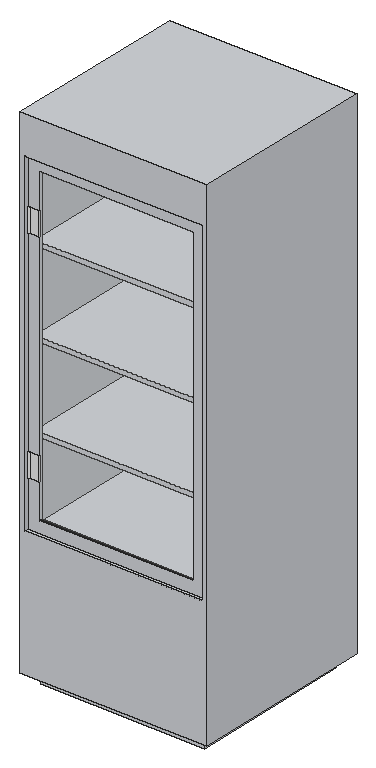
Revit family "Витрина уличная Буккроссинг компактная Арт 15132", category Антураж, Revit 2018
Family settings
  На основе рабочей плоскости = Нет
  Всегда вертикально = Да
  При загрузке вырезать с полостями = Нет
  Источник визуального образа = Геометрия семейства
  Общий = Нет
  Точка расчета площади = Нет
Parameters (values of type "Витрина уличная Буккроссинг компактная")
  Ширина = 800 mm  # constant formula
  Описание = "Витрина уличная «Буккроссинг» компактная"  # constant formula
  Материал изделия = "Сталь"  # constant formula
  Количество секций = 4  # constant formula
  Изображение типоразмера = Витрина_уличная_«Буккроссинг»_компактная_с_лого.jpg
  Изготовитель = "ООО «Хоббика»"  # constant formula
  Длина = 800 mm  # constant formula
  Группа модели = "Павильоны, остановки, курилки, буккроссинг"  # constant formula
  Высота = 2200 mm  # constant formula
  Артикул товара = "Арт. 15132"  # constant formula
  URL = "https://hobbyka.ru/product/vitrina_ulichnaya_bukkrossing_kompaktnaya/?sphrase_id=496616"
Reference planes
  plane 1 "По центру (Вперед/Назад)": y = 0
  plane 2: z = 0
  plane 3 "По центру (Влево/Вправо)": x = 0
Forms (mm)
  Extrusion 1, solid
    sketch origin (0, 0, 0) x (1, 0, 0) y (0, 1, 0)
      loop
        line (750, 750) -> (50, 750) -> (50, 50) -> (750, 50) -> (750, 750)
    from 0 to 50
  Extrusion 2, solid
    sketch origin (0, 0, 0) x (1, 0, 0) y (0, 1, 0)
      loop
        line (800, 800) -> (0, 800) -> (0, 0) -> (800, 0) -> (800, 800)
    from 50 to 2200
  Extrusion 3, void
    sketch origin (0, 0, 0) x (1, 0, 0) y (0, 0, 1)
      loop
        line (20, 2040) -> (20, 600) -> (780, 600) -> (780, 2040) -> (20, 2040)
    from 0 to -780
  Extrusion 4, solid, material "Стекло"
    sketch origin (0, 0, 0) x (1, 0, 0) y (0, 0, 1)
      loop
        line (70, 1990) -> (70, 650) -> (730, 650) -> (730, 1990) -> (70, 1990)
    from -20 to -22
  Extrusion 5, solid
    sketch origin (0, 0, 0) x (1, 0, 0) y (0, 0, 1)
      loop
        line (20, 2040) -> (20, 600) -> (780, 600) -> (780, 2040) -> (20, 2040)
      loop
        line (70, 1990) -> (70, 650) -> (730, 650) -> (730, 1990) -> (70, 1990)
    from -15 to -27
  Extrusion 6, solid, material "Хром"
    sketch origin (0, 0, 0) x (1, 0, 0) y (0, 1, 0)
      loop
        line (70, 15) -> (20, 15)
        arc (20, 15) -> (23.978, 10.105) -> (29.583, 13) r 5
        line (29.583, 13) -> (70, 13) -> (70, 15)
    from 800 to 900
  Extrusion 7, solid, material "Хром"
    sketch origin (0, 0, 0) x (1, 0, 0) y (0, 1, 0)
      loop
        line (70, 15) -> (20, 15)
        arc (20, 15) -> (23.978, 10.105) -> (29.583, 13) r 5
        line (29.583, 13) -> (70, 13) -> (70, 15)
    from 1740 to 1840
  Extrusion 8, solid
    sketch origin (0, 0, 0) x (1, 0, 0) y (0, 0, 1)
      loop
        line (20, 1695) -> (20, 1675) -> (780, 1675) -> (780, 1695) -> (20, 1695)
      loop
        line (20, 1330) -> (20, 1310) -> (780, 1310) -> (780, 1330) -> (20, 1330)
      loop
        line (20, 965) -> (20, 945) -> (780, 945) -> (780, 965) -> (20, 965)
    from -780 to -50
Cuts and joins
  Extrusion 3 cuts Extrusion 2
Lines and regions (mm)
  reference lines
    curve 1: line (800, 0, 0) -> (800, 800, 0)
    curve 2: line (800, 800, 0) -> (0, 800, 0)
    curve 3: line (0, 0, 2200) -> (800, 0, 2200)
Dimensions and locks
  aligned and locked: level to plane 2
